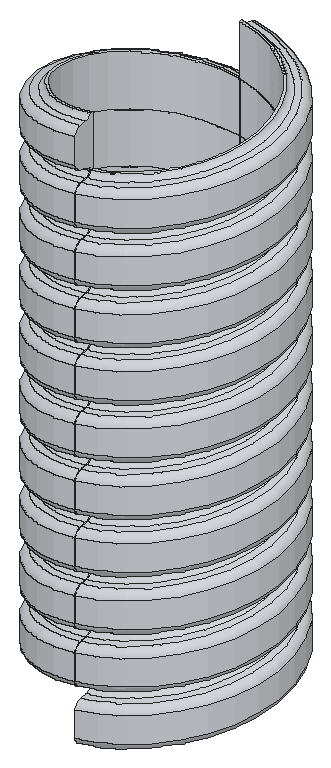
Revit family "110611-00029 Муфта соединительная резьбовая ССД-Пайп 110 мм", category Обобщенные модели, Revit 2019
Family settings
  Может служить основой для арматурных стержней = Нет
  Размер круглого соединителя = Использовать диаметр
  Тип детали = Нормальный
  На основе рабочей плоскости = Нет
  Всегда вертикально = Да
  При загрузке вырезать с полостями = Нет
  Общий = Нет
  Точка расчета площади = Нет
Parameters (values of type "Муфта соединительная резьбовая ССД-Пайп 110 мм")
  Сертификат соответствия = "https://www.ssd.ru/upload/iblock/135/dg0dveb2bt5742u03x0awkefi1rhom8y/ssoot_1302705.pdf"
  Материал = "ПНД"
  Масса бухты, кг = "0,148"
  Тип соединения = "Резьбовое"
  ADSK_Ссылка на сайт = "https://www.ssd.ru/mufta-soedinitelnaya-rezbovaya-ssd-payp-110-mm"
  ADSK_Наименование = "Муфта соединительная резьбовая ССД-Пайп 110 мм"
  ADSK_Марка = "ССД-Пайп"
  ADSK_Код изделия = "110611-00029"
  ADSK_Изготовитель = "АО \"СВЯЗЬСТРОЙДЕТАЛЬ\""
  ADSK_Диаметр наружный = 120 mm
  ADSK_Диаметр внутренний = 97 mm
Reference planes
  plane 1 "По центру (Вперед/Назад)": y = 0
  plane 2: z = 0
  plane 3 "По центру (Влево/Вправо)": x = 0
  plane 4 "Осевая": z = 100
  plane 5: x = -60
  plane 6: x = 60
  plane 7: y = 60
  plane 8: y = -60
  plane 9: x = -48.5
  plane 10: x = 48.5
  plane 11: y = 48.5
  plane 12: y = -48.5
Forms (mm)
  SweptBlend 1, solid
    path origin (0, -0.637, -320.812) x (0, 1, 0) y (-1, 0, 0)
      loop
        arc (25.5, 0) -> (0, 25.5) -> (-25.5, 0) r 25.5
    profile origin (0, 24.863, -320.812) x (0, -1, 0) y (0, 0, 1)
      loop
        line (-23.637, 49.457) -> (-24.978, 49.457)
        arc (-24.978, 49.457) -> (-25.997, 47.8) -> (-27.744, 46.943) r 3.5
        line (-27.744, 46.943) -> (-31.209, 46.332)
        arc (-31.209, 46.332) -> (-33.704, 45.107) -> (-35.16, 42.74) r 5
        line (-35.16, 42.74) -> (-35.16, 29.175)
        arc (-35.16, 29.175) -> (-33.704, 26.807) -> (-31.209, 25.583) r 5
        line (-31.209, 25.583) -> (-27.744, 24.972)
        arc (-27.744, 24.972) -> (-25.997, 24.114) -> (-24.978, 22.457) r 3.5
        line (-24.978, 22.457) -> (-23.637, 22.457) -> (-23.637, 49.457)
    end profile origin (0, -26.137, -320.812) x (0, 1, 0) y (0, 0, 1)
      loop
        line (-22.34, 76.531) -> (-23.681, 76.531)
        arc (-23.681, 76.531) -> (-24.7, 74.874) -> (-26.447, 74.017) r 3.5
        line (-26.447, 74.017) -> (-29.912, 73.406)
        arc (-29.912, 73.406) -> (-32.407, 72.181) -> (-33.863, 69.814) r 5
        line (-33.863, 69.814) -> (-33.863, 56.248)
        arc (-33.863, 56.248) -> (-32.407, 53.881) -> (-29.912, 52.656) r 5
        line (-29.912, 52.656) -> (-26.447, 52.045)
        arc (-26.447, 52.045) -> (-24.7, 51.188) -> (-23.681, 49.531) r 3.5
        line (-23.681, 49.531) -> (-22.34, 49.531) -> (-22.34, 76.531)
  SweptBlend 2, solid
    path origin (0, -0.637, -320.812) x (0, -1, 0) y (1, 0, 0)
      loop
        arc (25.5, 0) -> (0, 25.5) -> (-25.5, 0) r 25.5
    profile origin (0, -26.137, -320.812) x (0, 1, 0) y (0, 0, 1)
      loop
        line (-22.34, 49.531) -> (-23.681, 49.531)
        arc (-23.681, 49.531) -> (-24.7, 47.874) -> (-26.447, 47.017) r 3.5
        line (-26.447, 47.017) -> (-29.912, 46.406)
        arc (-29.912, 46.406) -> (-32.407, 45.181) -> (-33.863, 42.814) r 5
        line (-33.863, 42.814) -> (-33.863, 29.248)
        arc (-33.863, 29.248) -> (-32.407, 26.881) -> (-29.912, 25.656) r 5
        line (-29.912, 25.656) -> (-26.447, 25.045)
        arc (-26.447, 25.045) -> (-24.7, 24.188) -> (-23.681, 22.531) r 3.5
        line (-23.681, 22.531) -> (-22.34, 22.531) -> (-22.34, 49.531)
    end profile origin (0, 24.863, -320.812) x (0, -1, 0) y (0, 0, 1)
      loop
        line (-23.637, 76.457) -> (-24.978, 76.457)
        arc (-24.978, 76.457) -> (-25.997, 74.8) -> (-27.744, 73.943) r 3.5
        line (-27.744, 73.943) -> (-31.209, 73.332)
        arc (-31.209, 73.332) -> (-33.704, 72.107) -> (-35.16, 69.74) r 5
        line (-35.16, 69.74) -> (-35.16, 56.175)
        arc (-35.16, 56.175) -> (-33.704, 53.807) -> (-31.209, 52.583) r 5
        line (-31.209, 52.583) -> (-27.744, 51.972)
        arc (-27.744, 51.972) -> (-25.997, 51.114) -> (-24.978, 49.457) r 3.5
        line (-24.978, 49.457) -> (-23.637, 49.457) -> (-23.637, 76.457)
  SweptBlend 3, solid, not visible
    path origin (0, 0, 63.929) x (0, 1, 0) y (-1, 0, 0)
      loop
        arc (25.5, 0) -> (0, 25.5) -> (-25.5, 0) r 25.5
    profile origin (0, 25.5, 63.929) x (0, -1, 0) y (0, 0, 1)
      loop
        line (-23.637, 49.457) -> (-24.978, 49.457)
        arc (-24.978, 49.457) -> (-25.997, 47.8) -> (-27.744, 46.943) r 3.5
        line (-27.744, 46.943) -> (-31.209, 46.332)
        arc (-31.209, 46.332) -> (-33.704, 45.107) -> (-35.16, 42.74) r 5
        line (-35.16, 42.74) -> (-35.16, 29.175)
        arc (-35.16, 29.175) -> (-33.704, 26.807) -> (-31.209, 25.583) r 5
        line (-31.209, 25.583) -> (-27.744, 24.972)
        arc (-27.744, 24.972) -> (-25.997, 24.114) -> (-24.978, 22.457) r 3.5
        line (-24.978, 22.457) -> (-23.637, 22.457) -> (-23.637, 49.457)
    end profile origin (0, -25.5, 63.929) x (0, 1, 0) y (0, 0, 1)
      loop
        line (-22.34, 76.531) -> (-23.681, 76.531)
        arc (-23.681, 76.531) -> (-24.7, 74.874) -> (-26.447, 74.017) r 3.5
        line (-26.447, 74.017) -> (-29.912, 73.406)
        arc (-29.912, 73.406) -> (-32.407, 72.181) -> (-33.863, 69.814) r 5
        line (-33.863, 69.814) -> (-33.863, 56.248)
        arc (-33.863, 56.248) -> (-32.407, 53.881) -> (-29.912, 52.656) r 5
        line (-29.912, 52.656) -> (-26.447, 52.045)
        arc (-26.447, 52.045) -> (-24.7, 51.188) -> (-23.681, 49.531) r 3.5
        line (-23.681, 49.531) -> (-22.34, 49.531) -> (-22.34, 76.531)
  SweptBlend 4, solid, not visible
    path origin (0, 0, 63.929) x (0, -1, 0) y (1, 0, 0)
      loop
        arc (25.5, 0) -> (0, 25.5) -> (-25.5, 0) r 25.5
    profile origin (0, -25.5, 63.929) x (0, 1, 0) y (0, 0, 1)
      loop
        line (-22.34, 49.531) -> (-23.681, 49.531)
        arc (-23.681, 49.531) -> (-24.7, 47.874) -> (-26.447, 47.017) r 3.5
        line (-26.447, 47.017) -> (-29.912, 46.406)
        arc (-29.912, 46.406) -> (-32.407, 45.181) -> (-33.863, 42.814) r 5
        line (-33.863, 42.814) -> (-33.863, 29.248)
        arc (-33.863, 29.248) -> (-32.407, 26.881) -> (-29.912, 25.656) r 5
        line (-29.912, 25.656) -> (-26.447, 25.045)
        arc (-26.447, 25.045) -> (-24.7, 24.188) -> (-23.681, 22.531) r 3.5
        line (-23.681, 22.531) -> (-22.34, 22.531) -> (-22.34, 49.531)
    end profile origin (0, 25.5, 63.929) x (0, -1, 0) y (0, 0, 1)
      loop
        line (-23.637, 76.457) -> (-24.978, 76.457)
        arc (-24.978, 76.457) -> (-25.997, 74.8) -> (-27.744, 73.943) r 3.5
        line (-27.744, 73.943) -> (-31.209, 73.332)
        arc (-31.209, 73.332) -> (-33.704, 72.107) -> (-35.16, 69.74) r 5
        line (-35.16, 69.74) -> (-35.16, 56.175)
        arc (-35.16, 56.175) -> (-33.704, 53.807) -> (-31.209, 52.583) r 5
        line (-31.209, 52.583) -> (-27.744, 51.972)
        arc (-27.744, 51.972) -> (-25.997, 51.114) -> (-24.978, 49.457) r 3.5
        line (-24.978, 49.457) -> (-23.637, 49.457) -> (-23.637, 76.457)
  SweptBlend 5, solid
    path origin (0, -0.637, -293.812) x (0, 1, 0) y (-1, 0, 0)
      loop
        arc (25.5, 0) -> (0, 25.5) -> (-25.5, 0) r 25.5
    profile origin (0, 24.863, -293.812) x (0, -1, 0) y (0, 0, 1)
      loop
        line (-23.637, 49.457) -> (-24.978, 49.457)
        arc (-24.978, 49.457) -> (-25.997, 47.8) -> (-27.744, 46.943) r 3.5
        line (-27.744, 46.943) -> (-31.209, 46.332)
        arc (-31.209, 46.332) -> (-33.704, 45.107) -> (-35.16, 42.74) r 5
        line (-35.16, 42.74) -> (-35.16, 29.175)
        arc (-35.16, 29.175) -> (-33.704, 26.807) -> (-31.209, 25.583) r 5
        line (-31.209, 25.583) -> (-27.744, 24.972)
        arc (-27.744, 24.972) -> (-25.997, 24.114) -> (-24.978, 22.457) r 3.5
        line (-24.978, 22.457) -> (-23.637, 22.457) -> (-23.637, 49.457)
    end profile origin (0, -26.137, -293.812) x (0, 1, 0) y (0, 0, 1)
      loop
        line (-22.34, 76.531) -> (-23.681, 76.531)
        arc (-23.681, 76.531) -> (-24.7, 74.874) -> (-26.447, 74.017) r 3.5
        line (-26.447, 74.017) -> (-29.912, 73.406)
        arc (-29.912, 73.406) -> (-32.407, 72.181) -> (-33.863, 69.814) r 5
        line (-33.863, 69.814) -> (-33.863, 56.248)
        arc (-33.863, 56.248) -> (-32.407, 53.881) -> (-29.912, 52.656) r 5
        line (-29.912, 52.656) -> (-26.447, 52.045)
        arc (-26.447, 52.045) -> (-24.7, 51.188) -> (-23.681, 49.531) r 3.5
        line (-23.681, 49.531) -> (-22.34, 49.531) -> (-22.34, 76.531)
  SweptBlend 6, solid
    path origin (0, -0.637, -293.812) x (0, -1, 0) y (1, 0, 0)
      loop
        arc (25.5, 0) -> (0, 25.5) -> (-25.5, 0) r 25.5
    profile origin (0, -26.137, -293.812) x (0, 1, 0) y (0, 0, 1)
      loop
        line (-22.34, 49.531) -> (-23.681, 49.531)
        arc (-23.681, 49.531) -> (-24.7, 47.874) -> (-26.447, 47.017) r 3.5
        line (-26.447, 47.017) -> (-29.912, 46.406)
        arc (-29.912, 46.406) -> (-32.407, 45.181) -> (-33.863, 42.814) r 5
        line (-33.863, 42.814) -> (-33.863, 29.248)
        arc (-33.863, 29.248) -> (-32.407, 26.881) -> (-29.912, 25.656) r 5
        line (-29.912, 25.656) -> (-26.447, 25.045)
        arc (-26.447, 25.045) -> (-24.7, 24.188) -> (-23.681, 22.531) r 3.5
        line (-23.681, 22.531) -> (-22.34, 22.531) -> (-22.34, 49.531)
    end profile origin (0, 24.863, -293.812) x (0, -1, 0) y (0, 0, 1)
      loop
        line (-23.637, 76.457) -> (-24.978, 76.457)
        arc (-24.978, 76.457) -> (-25.997, 74.8) -> (-27.744, 73.943) r 3.5
        line (-27.744, 73.943) -> (-31.209, 73.332)
        arc (-31.209, 73.332) -> (-33.704, 72.107) -> (-35.16, 69.74) r 5
        line (-35.16, 69.74) -> (-35.16, 56.175)
        arc (-35.16, 56.175) -> (-33.704, 53.807) -> (-31.209, 52.583) r 5
        line (-31.209, 52.583) -> (-27.744, 51.972)
        arc (-27.744, 51.972) -> (-25.997, 51.114) -> (-24.978, 49.457) r 3.5
        line (-24.978, 49.457) -> (-23.637, 49.457) -> (-23.637, 76.457)
  SweptBlend 7, solid
    path origin (0, -0.637, -266.812) x (0, 1, 0) y (-1, 0, 0)
      loop
        arc (25.5, 0) -> (0, 25.5) -> (-25.5, 0) r 25.5
    profile origin (0, 24.863, -266.812) x (0, -1, 0) y (0, 0, 1)
      loop
        line (-23.637, 49.457) -> (-24.978, 49.457)
        arc (-24.978, 49.457) -> (-25.997, 47.8) -> (-27.744, 46.943) r 3.5
        line (-27.744, 46.943) -> (-31.209, 46.332)
        arc (-31.209, 46.332) -> (-33.704, 45.107) -> (-35.16, 42.74) r 5
        line (-35.16, 42.74) -> (-35.16, 29.175)
        arc (-35.16, 29.175) -> (-33.704, 26.807) -> (-31.209, 25.583) r 5
        line (-31.209, 25.583) -> (-27.744, 24.972)
        arc (-27.744, 24.972) -> (-25.997, 24.114) -> (-24.978, 22.457) r 3.5
        line (-24.978, 22.457) -> (-23.637, 22.457) -> (-23.637, 49.457)
    end profile origin (0, -26.137, -266.812) x (0, 1, 0) y (0, 0, 1)
      loop
        line (-22.34, 76.531) -> (-23.681, 76.531)
        arc (-23.681, 76.531) -> (-24.7, 74.874) -> (-26.447, 74.017) r 3.5
        line (-26.447, 74.017) -> (-29.912, 73.406)
        arc (-29.912, 73.406) -> (-32.407, 72.181) -> (-33.863, 69.814) r 5
        line (-33.863, 69.814) -> (-33.863, 56.248)
        arc (-33.863, 56.248) -> (-32.407, 53.881) -> (-29.912, 52.656) r 5
        line (-29.912, 52.656) -> (-26.447, 52.045)
        arc (-26.447, 52.045) -> (-24.7, 51.188) -> (-23.681, 49.531) r 3.5
        line (-23.681, 49.531) -> (-22.34, 49.531) -> (-22.34, 76.531)
  SweptBlend 8, solid
    path origin (0, -0.637, -266.812) x (0, -1, 0) y (1, 0, 0)
      loop
        arc (25.5, 0) -> (0, 25.5) -> (-25.5, 0) r 25.5
    profile origin (0, -26.137, -266.812) x (0, 1, 0) y (0, 0, 1)
      loop
        line (-22.34, 49.531) -> (-23.681, 49.531)
        arc (-23.681, 49.531) -> (-24.7, 47.874) -> (-26.447, 47.017) r 3.5
        line (-26.447, 47.017) -> (-29.912, 46.406)
        arc (-29.912, 46.406) -> (-32.407, 45.181) -> (-33.863, 42.814) r 5
        line (-33.863, 42.814) -> (-33.863, 29.248)
        arc (-33.863, 29.248) -> (-32.407, 26.881) -> (-29.912, 25.656) r 5
        line (-29.912, 25.656) -> (-26.447, 25.045)
        arc (-26.447, 25.045) -> (-24.7, 24.188) -> (-23.681, 22.531) r 3.5
        line (-23.681, 22.531) -> (-22.34, 22.531) -> (-22.34, 49.531)
    end profile origin (0, 24.863, -266.812) x (0, -1, 0) y (0, 0, 1)
      loop
        line (-23.637, 76.457) -> (-24.978, 76.457)
        arc (-24.978, 76.457) -> (-25.997, 74.8) -> (-27.744, 73.943) r 3.5
        line (-27.744, 73.943) -> (-31.209, 73.332)
        arc (-31.209, 73.332) -> (-33.704, 72.107) -> (-35.16, 69.74) r 5
        line (-35.16, 69.74) -> (-35.16, 56.175)
        arc (-35.16, 56.175) -> (-33.704, 53.807) -> (-31.209, 52.583) r 5
        line (-31.209, 52.583) -> (-27.744, 51.972)
        arc (-27.744, 51.972) -> (-25.997, 51.114) -> (-24.978, 49.457) r 3.5
        line (-24.978, 49.457) -> (-23.637, 49.457) -> (-23.637, 76.457)
  SweptBlend 9, solid
    path origin (0, -0.637, -239.812) x (0, 1, 0) y (-1, 0, 0)
      loop
        arc (25.5, 0) -> (0, 25.5) -> (-25.5, 0) r 25.5
    profile origin (0, 24.863, -239.812) x (0, -1, 0) y (0, 0, 1)
      loop
        line (-23.637, 49.457) -> (-24.978, 49.457)
        arc (-24.978, 49.457) -> (-25.997, 47.8) -> (-27.744, 46.943) r 3.5
        line (-27.744, 46.943) -> (-31.209, 46.332)
        arc (-31.209, 46.332) -> (-33.704, 45.107) -> (-35.16, 42.74) r 5
        line (-35.16, 42.74) -> (-35.16, 29.175)
        arc (-35.16, 29.175) -> (-33.704, 26.807) -> (-31.209, 25.583) r 5
        line (-31.209, 25.583) -> (-27.744, 24.972)
        arc (-27.744, 24.972) -> (-25.997, 24.114) -> (-24.978, 22.457) r 3.5
        line (-24.978, 22.457) -> (-23.637, 22.457) -> (-23.637, 49.457)
    end profile origin (0, -26.137, -239.812) x (0, 1, 0) y (0, 0, 1)
      loop
        line (-22.34, 76.531) -> (-23.681, 76.531)
        arc (-23.681, 76.531) -> (-24.7, 74.874) -> (-26.447, 74.017) r 3.5
        line (-26.447, 74.017) -> (-29.912, 73.406)
        arc (-29.912, 73.406) -> (-32.407, 72.181) -> (-33.863, 69.814) r 5
        line (-33.863, 69.814) -> (-33.863, 56.248)
        arc (-33.863, 56.248) -> (-32.407, 53.881) -> (-29.912, 52.656) r 5
        line (-29.912, 52.656) -> (-26.447, 52.045)
        arc (-26.447, 52.045) -> (-24.7, 51.188) -> (-23.681, 49.531) r 3.5
        line (-23.681, 49.531) -> (-22.34, 49.531) -> (-22.34, 76.531)
  SweptBlend 10, solid
    path origin (0, -0.637, -239.812) x (0, -1, 0) y (1, 0, 0)
      loop
        arc (25.5, 0) -> (0, 25.5) -> (-25.5, 0) r 25.5
    profile origin (0, -26.137, -239.812) x (0, 1, 0) y (0, 0, 1)
      loop
        line (-22.34, 49.531) -> (-23.681, 49.531)
        arc (-23.681, 49.531) -> (-24.7, 47.874) -> (-26.447, 47.017) r 3.5
        line (-26.447, 47.017) -> (-29.912, 46.406)
        arc (-29.912, 46.406) -> (-32.407, 45.181) -> (-33.863, 42.814) r 5
        line (-33.863, 42.814) -> (-33.863, 29.248)
        arc (-33.863, 29.248) -> (-32.407, 26.881) -> (-29.912, 25.656) r 5
        line (-29.912, 25.656) -> (-26.447, 25.045)
        arc (-26.447, 25.045) -> (-24.7, 24.188) -> (-23.681, 22.531) r 3.5
        line (-23.681, 22.531) -> (-22.34, 22.531) -> (-22.34, 49.531)
    end profile origin (0, 24.863, -239.812) x (0, -1, 0) y (0, 0, 1)
      loop
        line (-23.637, 76.457) -> (-24.978, 76.457)
        arc (-24.978, 76.457) -> (-25.997, 74.8) -> (-27.744, 73.943) r 3.5
        line (-27.744, 73.943) -> (-31.209, 73.332)
        arc (-31.209, 73.332) -> (-33.704, 72.107) -> (-35.16, 69.74) r 5
        line (-35.16, 69.74) -> (-35.16, 56.175)
        arc (-35.16, 56.175) -> (-33.704, 53.807) -> (-31.209, 52.583) r 5
        line (-31.209, 52.583) -> (-27.744, 51.972)
        arc (-27.744, 51.972) -> (-25.997, 51.114) -> (-24.978, 49.457) r 3.5
        line (-24.978, 49.457) -> (-23.637, 49.457) -> (-23.637, 76.457)
  SweptBlend 11, solid
    path origin (0, -0.637, -212.812) x (0, 1, 0) y (-1, 0, 0)
      loop
        arc (25.5, 0) -> (0, 25.5) -> (-25.5, 0) r 25.5
    profile origin (0, 24.863, -212.812) x (0, -1, 0) y (0, 0, 1)
      loop
        line (-23.637, 49.457) -> (-24.978, 49.457)
        arc (-24.978, 49.457) -> (-25.997, 47.8) -> (-27.744, 46.943) r 3.5
        line (-27.744, 46.943) -> (-31.209, 46.332)
        arc (-31.209, 46.332) -> (-33.704, 45.107) -> (-35.16, 42.74) r 5
        line (-35.16, 42.74) -> (-35.16, 29.175)
        arc (-35.16, 29.175) -> (-33.704, 26.807) -> (-31.209, 25.583) r 5
        line (-31.209, 25.583) -> (-27.744, 24.972)
        arc (-27.744, 24.972) -> (-25.997, 24.114) -> (-24.978, 22.457) r 3.5
        line (-24.978, 22.457) -> (-23.637, 22.457) -> (-23.637, 49.457)
    end profile origin (0, -26.137, -212.812) x (0, 1, 0) y (0, 0, 1)
      loop
        line (-22.34, 76.531) -> (-23.681, 76.531)
        arc (-23.681, 76.531) -> (-24.7, 74.874) -> (-26.447, 74.017) r 3.5
        line (-26.447, 74.017) -> (-29.912, 73.406)
        arc (-29.912, 73.406) -> (-32.407, 72.181) -> (-33.863, 69.814) r 5
        line (-33.863, 69.814) -> (-33.863, 56.248)
        arc (-33.863, 56.248) -> (-32.407, 53.881) -> (-29.912, 52.656) r 5
        line (-29.912, 52.656) -> (-26.447, 52.045)
        arc (-26.447, 52.045) -> (-24.7, 51.188) -> (-23.681, 49.531) r 3.5
        line (-23.681, 49.531) -> (-22.34, 49.531) -> (-22.34, 76.531)
  SweptBlend 12, solid
    path origin (0, -0.637, -212.812) x (0, -1, 0) y (1, 0, 0)
      loop
        arc (25.5, 0) -> (0, 25.5) -> (-25.5, 0) r 25.5
    profile origin (0, -26.137, -212.812) x (0, 1, 0) y (0, 0, 1)
      loop
        line (-22.34, 49.531) -> (-23.681, 49.531)
        arc (-23.681, 49.531) -> (-24.7, 47.874) -> (-26.447, 47.017) r 3.5
        line (-26.447, 47.017) -> (-29.912, 46.406)
        arc (-29.912, 46.406) -> (-32.407, 45.181) -> (-33.863, 42.814) r 5
        line (-33.863, 42.814) -> (-33.863, 29.248)
        arc (-33.863, 29.248) -> (-32.407, 26.881) -> (-29.912, 25.656) r 5
        line (-29.912, 25.656) -> (-26.447, 25.045)
        arc (-26.447, 25.045) -> (-24.7, 24.188) -> (-23.681, 22.531) r 3.5
        line (-23.681, 22.531) -> (-22.34, 22.531) -> (-22.34, 49.531)
    end profile origin (0, 24.863, -212.812) x (0, -1, 0) y (0, 0, 1)
      loop
        line (-23.637, 76.457) -> (-24.978, 76.457)
        arc (-24.978, 76.457) -> (-25.997, 74.8) -> (-27.744, 73.943) r 3.5
        line (-27.744, 73.943) -> (-31.209, 73.332)
        arc (-31.209, 73.332) -> (-33.704, 72.107) -> (-35.16, 69.74) r 5
        line (-35.16, 69.74) -> (-35.16, 56.175)
        arc (-35.16, 56.175) -> (-33.704, 53.807) -> (-31.209, 52.583) r 5
        line (-31.209, 52.583) -> (-27.744, 51.972)
        arc (-27.744, 51.972) -> (-25.997, 51.114) -> (-24.978, 49.457) r 3.5
        line (-24.978, 49.457) -> (-23.637, 49.457) -> (-23.637, 76.457)
  SweptBlend 13, solid
    path origin (0, -0.637, -185.812) x (0, 1, 0) y (-1, 0, 0)
      loop
        arc (25.5, 0) -> (0, 25.5) -> (-25.5, 0) r 25.5
    profile origin (0, 24.863, -185.812) x (0, -1, 0) y (0, 0, 1)
      loop
        line (-23.637, 49.457) -> (-24.978, 49.457)
        arc (-24.978, 49.457) -> (-25.997, 47.8) -> (-27.744, 46.943) r 3.5
        line (-27.744, 46.943) -> (-31.209, 46.332)
        arc (-31.209, 46.332) -> (-33.704, 45.107) -> (-35.16, 42.74) r 5
        line (-35.16, 42.74) -> (-35.16, 29.175)
        arc (-35.16, 29.175) -> (-33.704, 26.807) -> (-31.209, 25.583) r 5
        line (-31.209, 25.583) -> (-27.744, 24.972)
        arc (-27.744, 24.972) -> (-25.997, 24.114) -> (-24.978, 22.457) r 3.5
        line (-24.978, 22.457) -> (-23.637, 22.457) -> (-23.637, 49.457)
    end profile origin (0, -26.137, -185.812) x (0, 1, 0) y (0, 0, 1)
      loop
        line (-22.34, 76.531) -> (-23.681, 76.531)
        arc (-23.681, 76.531) -> (-24.7, 74.874) -> (-26.447, 74.017) r 3.5
        line (-26.447, 74.017) -> (-29.912, 73.406)
        arc (-29.912, 73.406) -> (-32.407, 72.181) -> (-33.863, 69.814) r 5
        line (-33.863, 69.814) -> (-33.863, 56.248)
        arc (-33.863, 56.248) -> (-32.407, 53.881) -> (-29.912, 52.656) r 5
        line (-29.912, 52.656) -> (-26.447, 52.045)
        arc (-26.447, 52.045) -> (-24.7, 51.188) -> (-23.681, 49.531) r 3.5
        line (-23.681, 49.531) -> (-22.34, 49.531) -> (-22.34, 76.531)
  SweptBlend 14, solid
    path origin (0, -0.637, -185.812) x (0, -1, 0) y (1, 0, 0)
      loop
        arc (25.5, 0) -> (0, 25.5) -> (-25.5, 0) r 25.5
    profile origin (0, -26.137, -185.812) x (0, 1, 0) y (0, 0, 1)
      loop
        line (-22.34, 49.531) -> (-23.681, 49.531)
        arc (-23.681, 49.531) -> (-24.7, 47.874) -> (-26.447, 47.017) r 3.5
        line (-26.447, 47.017) -> (-29.912, 46.406)
        arc (-29.912, 46.406) -> (-32.407, 45.181) -> (-33.863, 42.814) r 5
        line (-33.863, 42.814) -> (-33.863, 29.248)
        arc (-33.863, 29.248) -> (-32.407, 26.881) -> (-29.912, 25.656) r 5
        line (-29.912, 25.656) -> (-26.447, 25.045)
        arc (-26.447, 25.045) -> (-24.7, 24.188) -> (-23.681, 22.531) r 3.5
        line (-23.681, 22.531) -> (-22.34, 22.531) -> (-22.34, 49.531)
    end profile origin (0, 24.863, -185.812) x (0, -1, 0) y (0, 0, 1)
      loop
        line (-23.637, 76.457) -> (-24.978, 76.457)
        arc (-24.978, 76.457) -> (-25.997, 74.8) -> (-27.744, 73.943) r 3.5
        line (-27.744, 73.943) -> (-31.209, 73.332)
        arc (-31.209, 73.332) -> (-33.704, 72.107) -> (-35.16, 69.74) r 5
        line (-35.16, 69.74) -> (-35.16, 56.175)
        arc (-35.16, 56.175) -> (-33.704, 53.807) -> (-31.209, 52.583) r 5
        line (-31.209, 52.583) -> (-27.744, 51.972)
        arc (-27.744, 51.972) -> (-25.997, 51.114) -> (-24.978, 49.457) r 3.5
        line (-24.978, 49.457) -> (-23.637, 49.457) -> (-23.637, 76.457)
  SweptBlend 15, solid
    path origin (0, -0.637, -158.812) x (0, 1, 0) y (-1, 0, 0)
      loop
        arc (25.5, 0) -> (0, 25.5) -> (-25.5, 0) r 25.5
    profile origin (0, 24.863, -158.812) x (0, -1, 0) y (0, 0, 1)
      loop
        line (-23.637, 49.457) -> (-24.978, 49.457)
        arc (-24.978, 49.457) -> (-25.997, 47.8) -> (-27.744, 46.943) r 3.5
        line (-27.744, 46.943) -> (-31.209, 46.332)
        arc (-31.209, 46.332) -> (-33.704, 45.107) -> (-35.16, 42.74) r 5
        line (-35.16, 42.74) -> (-35.16, 29.175)
        arc (-35.16, 29.175) -> (-33.704, 26.807) -> (-31.209, 25.583) r 5
        line (-31.209, 25.583) -> (-27.744, 24.972)
        arc (-27.744, 24.972) -> (-25.997, 24.114) -> (-24.978, 22.457) r 3.5
        line (-24.978, 22.457) -> (-23.637, 22.457) -> (-23.637, 49.457)
    end profile origin (0, -26.137, -158.812) x (0, 1, 0) y (0, 0, 1)
      loop
        line (-22.34, 76.531) -> (-23.681, 76.531)
        arc (-23.681, 76.531) -> (-24.7, 74.874) -> (-26.447, 74.017) r 3.5
        line (-26.447, 74.017) -> (-29.912, 73.406)
        arc (-29.912, 73.406) -> (-32.407, 72.181) -> (-33.863, 69.814) r 5
        line (-33.863, 69.814) -> (-33.863, 56.248)
        arc (-33.863, 56.248) -> (-32.407, 53.881) -> (-29.912, 52.656) r 5
        line (-29.912, 52.656) -> (-26.447, 52.045)
        arc (-26.447, 52.045) -> (-24.7, 51.188) -> (-23.681, 49.531) r 3.5
        line (-23.681, 49.531) -> (-22.34, 49.531) -> (-22.34, 76.531)
  SweptBlend 16, solid
    path origin (0, -0.637, -158.812) x (0, -1, 0) y (1, 0, 0)
      loop
        arc (25.5, 0) -> (0, 25.5) -> (-25.5, 0) r 25.5
    profile origin (0, -26.137, -158.812) x (0, 1, 0) y (0, 0, 1)
      loop
        line (-22.34, 49.531) -> (-23.681, 49.531)
        arc (-23.681, 49.531) -> (-24.7, 47.874) -> (-26.447, 47.017) r 3.5
        line (-26.447, 47.017) -> (-29.912, 46.406)
        arc (-29.912, 46.406) -> (-32.407, 45.181) -> (-33.863, 42.814) r 5
        line (-33.863, 42.814) -> (-33.863, 29.248)
        arc (-33.863, 29.248) -> (-32.407, 26.881) -> (-29.912, 25.656) r 5
        line (-29.912, 25.656) -> (-26.447, 25.045)
        arc (-26.447, 25.045) -> (-24.7, 24.188) -> (-23.681, 22.531) r 3.5
        line (-23.681, 22.531) -> (-22.34, 22.531) -> (-22.34, 49.531)
    end profile origin (0, 24.863, -158.812) x (0, -1, 0) y (0, 0, 1)
      loop
        line (-23.637, 76.457) -> (-24.978, 76.457)
        arc (-24.978, 76.457) -> (-25.997, 74.8) -> (-27.744, 73.943) r 3.5
        line (-27.744, 73.943) -> (-31.209, 73.332)
        arc (-31.209, 73.332) -> (-33.704, 72.107) -> (-35.16, 69.74) r 5
        line (-35.16, 69.74) -> (-35.16, 56.175)
        arc (-35.16, 56.175) -> (-33.704, 53.807) -> (-31.209, 52.583) r 5
        line (-31.209, 52.583) -> (-27.744, 51.972)
        arc (-27.744, 51.972) -> (-25.997, 51.114) -> (-24.978, 49.457) r 3.5
        line (-24.978, 49.457) -> (-23.637, 49.457) -> (-23.637, 76.457)
  SweptBlend 17, solid
    path origin (0, -0.637, -131.812) x (0, 1, 0) y (-1, 0, 0)
      loop
        arc (25.5, 0) -> (0, 25.5) -> (-25.5, 0) r 25.5
    profile origin (0, 24.863, -131.812) x (0, -1, 0) y (0, 0, 1)
      loop
        line (-23.637, 49.457) -> (-24.978, 49.457)
        arc (-24.978, 49.457) -> (-25.997, 47.8) -> (-27.744, 46.943) r 3.5
        line (-27.744, 46.943) -> (-31.209, 46.332)
        arc (-31.209, 46.332) -> (-33.704, 45.107) -> (-35.16, 42.74) r 5
        line (-35.16, 42.74) -> (-35.16, 29.175)
        arc (-35.16, 29.175) -> (-33.704, 26.807) -> (-31.209, 25.583) r 5
        line (-31.209, 25.583) -> (-27.744, 24.972)
        arc (-27.744, 24.972) -> (-25.997, 24.114) -> (-24.978, 22.457) r 3.5
        line (-24.978, 22.457) -> (-23.637, 22.457) -> (-23.637, 49.457)
    end profile origin (0, -26.137, -131.812) x (0, 1, 0) y (0, 0, 1)
      loop
        line (-22.34, 76.531) -> (-23.681, 76.531)
        arc (-23.681, 76.531) -> (-24.7, 74.874) -> (-26.447, 74.017) r 3.5
        line (-26.447, 74.017) -> (-29.912, 73.406)
        arc (-29.912, 73.406) -> (-32.407, 72.181) -> (-33.863, 69.814) r 5
        line (-33.863, 69.814) -> (-33.863, 56.248)
        arc (-33.863, 56.248) -> (-32.407, 53.881) -> (-29.912, 52.656) r 5
        line (-29.912, 52.656) -> (-26.447, 52.045)
        arc (-26.447, 52.045) -> (-24.7, 51.188) -> (-23.681, 49.531) r 3.5
        line (-23.681, 49.531) -> (-22.34, 49.531) -> (-22.34, 76.531)
  SweptBlend 18, solid
    path origin (0, -0.637, -131.812) x (0, -1, 0) y (1, 0, 0)
      loop
        arc (25.5, 0) -> (0, 25.5) -> (-25.5, 0) r 25.5
    profile origin (0, -26.137, -131.812) x (0, 1, 0) y (0, 0, 1)
      loop
        line (-22.34, 49.531) -> (-23.681, 49.531)
        arc (-23.681, 49.531) -> (-24.7, 47.874) -> (-26.447, 47.017) r 3.5
        line (-26.447, 47.017) -> (-29.912, 46.406)
        arc (-29.912, 46.406) -> (-32.407, 45.181) -> (-33.863, 42.814) r 5
        line (-33.863, 42.814) -> (-33.863, 29.248)
        arc (-33.863, 29.248) -> (-32.407, 26.881) -> (-29.912, 25.656) r 5
        line (-29.912, 25.656) -> (-26.447, 25.045)
        arc (-26.447, 25.045) -> (-24.7, 24.188) -> (-23.681, 22.531) r 3.5
        line (-23.681, 22.531) -> (-22.34, 22.531) -> (-22.34, 49.531)
    end profile origin (0, 24.863, -131.812) x (0, -1, 0) y (0, 0, 1)
      loop
        line (-23.637, 76.457) -> (-24.978, 76.457)
        arc (-24.978, 76.457) -> (-25.997, 74.8) -> (-27.744, 73.943) r 3.5
        line (-27.744, 73.943) -> (-31.209, 73.332)
        arc (-31.209, 73.332) -> (-33.704, 72.107) -> (-35.16, 69.74) r 5
        line (-35.16, 69.74) -> (-35.16, 56.175)
        arc (-35.16, 56.175) -> (-33.704, 53.807) -> (-31.209, 52.583) r 5
        line (-31.209, 52.583) -> (-27.744, 51.972)
        arc (-27.744, 51.972) -> (-25.997, 51.114) -> (-24.978, 49.457) r 3.5
        line (-24.978, 49.457) -> (-23.637, 49.457) -> (-23.637, 76.457)
  SweptBlend 19, solid
    path origin (0, -0.637, -104.812) x (0, 1, 0) y (-1, 0, 0)
      loop
        arc (25.5, 0) -> (0, 25.5) -> (-25.5, 0) r 25.5
    profile origin (0, 24.863, -104.812) x (0, -1, 0) y (0, 0, 1)
      loop
        line (-23.637, 49.457) -> (-24.978, 49.457)
        arc (-24.978, 49.457) -> (-25.997, 47.8) -> (-27.744, 46.943) r 3.5
        line (-27.744, 46.943) -> (-31.209, 46.332)
        arc (-31.209, 46.332) -> (-33.704, 45.107) -> (-35.16, 42.74) r 5
        line (-35.16, 42.74) -> (-35.16, 29.175)
        arc (-35.16, 29.175) -> (-33.704, 26.807) -> (-31.209, 25.583) r 5
        line (-31.209, 25.583) -> (-27.744, 24.972)
        arc (-27.744, 24.972) -> (-25.997, 24.114) -> (-24.978, 22.457) r 3.5
        line (-24.978, 22.457) -> (-23.637, 22.457) -> (-23.637, 49.457)
    end profile origin (0, -26.137, -104.812) x (0, 1, 0) y (0, 0, 1)
      loop
        line (-22.34, 76.531) -> (-23.681, 76.531)
        arc (-23.681, 76.531) -> (-24.7, 74.874) -> (-26.447, 74.017) r 3.5
        line (-26.447, 74.017) -> (-29.912, 73.406)
        arc (-29.912, 73.406) -> (-32.407, 72.181) -> (-33.863, 69.814) r 5
        line (-33.863, 69.814) -> (-33.863, 56.248)
        arc (-33.863, 56.248) -> (-32.407, 53.881) -> (-29.912, 52.656) r 5
        line (-29.912, 52.656) -> (-26.447, 52.045)
        arc (-26.447, 52.045) -> (-24.7, 51.188) -> (-23.681, 49.531) r 3.5
        line (-23.681, 49.531) -> (-22.34, 49.531) -> (-22.34, 76.531)
  SweptBlend 20, solid
    path origin (0, -0.637, -104.812) x (0, -1, 0) y (1, 0, 0)
      loop
        arc (25.5, 0) -> (0, 25.5) -> (-25.5, 0) r 25.5
    profile origin (0, -26.137, -104.812) x (0, 1, 0) y (0, 0, 1)
      loop
        line (-22.34, 49.531) -> (-23.681, 49.531)
        arc (-23.681, 49.531) -> (-24.7, 47.874) -> (-26.447, 47.017) r 3.5
        line (-26.447, 47.017) -> (-29.912, 46.406)
        arc (-29.912, 46.406) -> (-32.407, 45.181) -> (-33.863, 42.814) r 5
        line (-33.863, 42.814) -> (-33.863, 29.248)
        arc (-33.863, 29.248) -> (-32.407, 26.881) -> (-29.912, 25.656) r 5
        line (-29.912, 25.656) -> (-26.447, 25.045)
        arc (-26.447, 25.045) -> (-24.7, 24.188) -> (-23.681, 22.531) r 3.5
        line (-23.681, 22.531) -> (-22.34, 22.531) -> (-22.34, 49.531)
    end profile origin (0, 24.863, -104.812) x (0, -1, 0) y (0, 0, 1)
      loop
        line (-23.637, 76.457) -> (-24.978, 76.457)
        arc (-24.978, 76.457) -> (-25.997, 74.8) -> (-27.744, 73.943) r 3.5
        line (-27.744, 73.943) -> (-31.209, 73.332)
        arc (-31.209, 73.332) -> (-33.704, 72.107) -> (-35.16, 69.74) r 5
        line (-35.16, 69.74) -> (-35.16, 56.175)
        arc (-35.16, 56.175) -> (-33.704, 53.807) -> (-31.209, 52.583) r 5
        line (-31.209, 52.583) -> (-27.744, 51.972)
        arc (-27.744, 51.972) -> (-25.997, 51.114) -> (-24.978, 49.457) r 3.5
        line (-24.978, 49.457) -> (-23.637, 49.457) -> (-23.637, 76.457)
  SweptBlend 21, solid
    path origin (0, -0.637, -77.812) x (0, 1, 0) y (-1, 0, 0)
      loop
        arc (25.5, 0) -> (0, 25.5) -> (-25.5, 0) r 25.5
    profile origin (0, 24.863, -77.812) x (0, -1, 0) y (0, 0, 1)
      loop
        line (-23.637, 49.457) -> (-24.978, 49.457)
        arc (-24.978, 49.457) -> (-25.997, 47.8) -> (-27.744, 46.943) r 3.5
        line (-27.744, 46.943) -> (-31.209, 46.332)
        arc (-31.209, 46.332) -> (-33.704, 45.107) -> (-35.16, 42.74) r 5
        line (-35.16, 42.74) -> (-35.16, 29.175)
        arc (-35.16, 29.175) -> (-33.704, 26.807) -> (-31.209, 25.583) r 5
        line (-31.209, 25.583) -> (-27.744, 24.972)
        arc (-27.744, 24.972) -> (-25.997, 24.114) -> (-24.978, 22.457) r 3.5
        line (-24.978, 22.457) -> (-23.637, 22.457) -> (-23.637, 49.457)
    end profile origin (0, -26.137, -77.812) x (0, 1, 0) y (0, 0, 1)
      loop
        line (-22.34, 76.531) -> (-23.681, 76.531)
        arc (-23.681, 76.531) -> (-24.7, 74.874) -> (-26.447, 74.017) r 3.5
        line (-26.447, 74.017) -> (-29.912, 73.406)
        arc (-29.912, 73.406) -> (-32.407, 72.181) -> (-33.863, 69.814) r 5
        line (-33.863, 69.814) -> (-33.863, 56.248)
        arc (-33.863, 56.248) -> (-32.407, 53.881) -> (-29.912, 52.656) r 5
        line (-29.912, 52.656) -> (-26.447, 52.045)
        arc (-26.447, 52.045) -> (-24.7, 51.188) -> (-23.681, 49.531) r 3.5
        line (-23.681, 49.531) -> (-22.34, 49.531) -> (-22.34, 76.531)
  SweptBlend 22, solid
    path origin (0, -0.637, -77.812) x (0, -1, 0) y (1, 0, 0)
      loop
        arc (25.5, 0) -> (0, 25.5) -> (-25.5, 0) r 25.5
    profile origin (0, -26.137, -77.812) x (0, 1, 0) y (0, 0, 1)
      loop
        line (-22.34, 49.531) -> (-23.681, 49.531)
        arc (-23.681, 49.531) -> (-24.7, 47.874) -> (-26.447, 47.017) r 3.5
        line (-26.447, 47.017) -> (-29.912, 46.406)
        arc (-29.912, 46.406) -> (-32.407, 45.181) -> (-33.863, 42.814) r 5
        line (-33.863, 42.814) -> (-33.863, 29.248)
        arc (-33.863, 29.248) -> (-32.407, 26.881) -> (-29.912, 25.656) r 5
        line (-29.912, 25.656) -> (-26.447, 25.045)
        arc (-26.447, 25.045) -> (-24.7, 24.188) -> (-23.681, 22.531) r 3.5
        line (-23.681, 22.531) -> (-22.34, 22.531) -> (-22.34, 49.531)
    end profile origin (0, 24.863, -77.812) x (0, -1, 0) y (0, 0, 1)
      loop
        line (-23.637, 76.457) -> (-24.978, 76.457)
        arc (-24.978, 76.457) -> (-25.997, 74.8) -> (-27.744, 73.943) r 3.5
        line (-27.744, 73.943) -> (-31.209, 73.332)
        arc (-31.209, 73.332) -> (-33.704, 72.107) -> (-35.16, 69.74) r 5
        line (-35.16, 69.74) -> (-35.16, 56.175)
        arc (-35.16, 56.175) -> (-33.704, 53.807) -> (-31.209, 52.583) r 5
        line (-31.209, 52.583) -> (-27.744, 51.972)
        arc (-27.744, 51.972) -> (-25.997, 51.114) -> (-24.978, 49.457) r 3.5
        line (-24.978, 49.457) -> (-23.637, 49.457) -> (-23.637, 76.457)
Dimensions and locks
  locked: plane 4 "Осевая" to level at 100
  "ADSK_Диаметр наружный": plane 5 to plane 6
  equal spacing: plane 5, plane 3 "По центру (Влево/Вправо)", plane 6
  "ADSK_Диаметр наружный": plane 7 to plane 8
  "ADSK_Диаметр внутренний": plane 9 to plane 10
  equal spacing: plane 9, plane 3 "По центру (Влево/Вправо)", plane 10
  "ADSK_Диаметр внутренний": plane 11 to plane 12
  equal spacing: plane 11, plane 1 "По центру (Вперед/Назад)", plane 12
  equal spacing: plane 7, plane 1 "По центру (Вперед/Назад)", plane 8
  equal spacing: group 2, group 5, group 7, group 9, group 11, group 13, group 15, group 17, group 19, group 21  (x3)
  radius of SweptBlend 1 sketch curve = 25.5 mm
  radius of SweptBlend 2 sketch curve = 25.5 mm
  radius of SweptBlend 3 sketch curve = 25.5 mm
  radius of SweptBlend 4 sketch curve = 25.5 mm
  radius of SweptBlend 5 sketch curve = 25.5 mm
  radius of SweptBlend 6 sketch curve = 25.5 mm
  radius of SweptBlend 7 sketch curve = 25.5 mm
  radius of SweptBlend 8 sketch curve = 25.5 mm
  radius of SweptBlend 9 sketch curve = 25.5 mm
  radius of SweptBlend 10 sketch curve = 25.5 mm
  radius of SweptBlend 11 sketch curve = 25.5 mm
  radius of SweptBlend 12 sketch curve = 25.5 mm
  radius of SweptBlend 13 sketch curve = 25.5 mm
  radius of SweptBlend 14 sketch curve = 25.5 mm
  radius of SweptBlend 15 sketch curve = 25.5 mm
  radius of SweptBlend 16 sketch curve = 25.5 mm
  radius of SweptBlend 17 sketch curve = 25.5 mm
  radius of SweptBlend 18 sketch curve = 25.5 mm
  radius of SweptBlend 19 sketch curve = 25.5 mm
  radius of SweptBlend 20 sketch curve = 25.5 mm
  radius of SweptBlend 21 sketch curve = 25.5 mm
  radius of SweptBlend 22 sketch curve = 25.5 mm
  aligned and locked: level to plane 2
Automatic sketch dimensions
  profile plane to SweptBlend 1 sketch curve = 31.209 mm
  SweptBlend 1 sketch curve to SweptBlend 1 sketch curve = 0 mm
  SweptBlend 1 sketch curve to SweptBlend 1 sketch curve = 0.868 mm  (x4)
  SweptBlend 1 sketch curve to SweptBlend 1 sketch curve = 2.857 mm  (x4)
  SweptBlend 1 sketch curve to SweptBlend 1 sketch curve = 0.608 mm  (x4)
  SweptBlend 1 sketch curve to SweptBlend 1 sketch curve = 3.374 mm  (x4)
  SweptBlend 1 sketch curve to SweptBlend 1 sketch curve = 1.341 mm  (x2)
  profile plane to SweptBlend 1 sketch curve = 21.525 mm
  SweptBlend 1 sketch curve to SweptBlend 1 sketch curve = 0.932 mm  (x2)
  SweptBlend 1 sketch curve to SweptBlend 1 sketch curve = 0.611 mm  (x4)
  SweptBlend 1 sketch curve to SweptBlend 1 sketch curve = 4.924 mm  (x2)
  SweptBlend 1 sketch curve to SweptBlend 1 sketch curve = 10.901 mm  (x2)
  SweptBlend 1 sketch curve to SweptBlend 1 sketch curve = 2.514 mm  (x2)
  SweptBlend 1 sketch curve to SweptBlend 1 sketch curve = 4.819 mm
  profile plane to SweptBlend 1 sketch curve = 33.863 mm
  SweptBlend 1 sketch curve to SweptBlend 1 sketch curve = 3.951 mm  (x2)
  profile plane to SweptBlend 1 sketch curve = 48.599 mm
  SweptBlend 1 sketch curve to SweptBlend 1 sketch curve = 3.592 mm
  SweptBlend 1 sketch curve to SweptBlend 1 sketch curve = 1.332 mm
  profile plane to SweptBlend 2 sketch curve = 35.16 mm
  SweptBlend 2 sketch curve to SweptBlend 2 sketch curve = 3.951 mm  (x4)
  SweptBlend 2 sketch curve to SweptBlend 2 sketch curve = 0.868 mm
  SweptBlend 2 sketch curve to SweptBlend 2 sketch curve = 4.819 mm  (x3)
  SweptBlend 2 sketch curve to SweptBlend 2 sketch curve = 2.857 mm  (x4)
  SweptBlend 2 sketch curve to SweptBlend 2 sketch curve = 0.608 mm  (x4)
  SweptBlend 2 sketch curve to SweptBlend 2 sketch curve = 3.374 mm  (x4)
  SweptBlend 2 sketch curve to SweptBlend 2 sketch curve = 1.341 mm  (x2)
  profile plane to SweptBlend 2 sketch curve = 48.525 mm
  SweptBlend 2 sketch curve to SweptBlend 2 sketch curve = 0.932 mm
  SweptBlend 2 sketch curve to SweptBlend 2 sketch curve = 0.611 mm  (x4)
  SweptBlend 2 sketch curve to SweptBlend 2 sketch curve = 3.592 mm  (x2)
  SweptBlend 2 sketch curve to SweptBlend 2 sketch curve = 10.901 mm  (x2)
  SweptBlend 2 sketch curve to SweptBlend 2 sketch curve = 1.332 mm  (x2)
  SweptBlend 2 sketch curve to SweptBlend 2 sketch curve = 2.514 mm  (x3)
  profile plane to SweptBlend 2 sketch curve = 33.863 mm
  profile plane to SweptBlend 2 sketch curve = 25.656 mm
  profile plane to SweptBlend 3 sketch curve = 31.209 mm
  SweptBlend 3 sketch curve to SweptBlend 3 sketch curve = 0 mm
  SweptBlend 3 sketch curve to SweptBlend 3 sketch curve = 0.868 mm  (x4)
  SweptBlend 3 sketch curve to SweptBlend 3 sketch curve = 2.857 mm  (x4)
  SweptBlend 3 sketch curve to SweptBlend 3 sketch curve = 0.608 mm  (x4)
  SweptBlend 3 sketch curve to SweptBlend 3 sketch curve = 3.374 mm  (x4)
  SweptBlend 3 sketch curve to SweptBlend 3 sketch curve = 1.341 mm  (x2)
  profile plane to SweptBlend 3 sketch curve = 21.525 mm
  SweptBlend 3 sketch curve to SweptBlend 3 sketch curve = 0.932 mm  (x2)
  SweptBlend 3 sketch curve to SweptBlend 3 sketch curve = 0.611 mm  (x4)
  SweptBlend 3 sketch curve to SweptBlend 3 sketch curve = 4.924 mm  (x2)
  SweptBlend 3 sketch curve to SweptBlend 3 sketch curve = 10.901 mm  (x2)
  SweptBlend 3 sketch curve to SweptBlend 3 sketch curve = 2.514 mm  (x2)
  SweptBlend 3 sketch curve to SweptBlend 3 sketch curve = 4.819 mm
  profile plane to SweptBlend 3 sketch curve = 33.863 mm
  SweptBlend 3 sketch curve to SweptBlend 3 sketch curve = 3.951 mm  (x2)
  profile plane to SweptBlend 3 sketch curve = 48.599 mm
  SweptBlend 3 sketch curve to SweptBlend 3 sketch curve = 3.592 mm
  SweptBlend 3 sketch curve to SweptBlend 3 sketch curve = 1.332 mm
  profile plane to SweptBlend 4 sketch curve = 35.16 mm
  SweptBlend 4 sketch curve to SweptBlend 4 sketch curve = 3.951 mm  (x4)
  SweptBlend 4 sketch curve to SweptBlend 4 sketch curve = 0.868 mm
  SweptBlend 4 sketch curve to SweptBlend 4 sketch curve = 4.819 mm  (x3)
  SweptBlend 4 sketch curve to SweptBlend 4 sketch curve = 2.857 mm  (x4)
  SweptBlend 4 sketch curve to SweptBlend 4 sketch curve = 0.608 mm  (x4)
  SweptBlend 4 sketch curve to SweptBlend 4 sketch curve = 3.374 mm  (x4)
  SweptBlend 4 sketch curve to SweptBlend 4 sketch curve = 1.341 mm  (x2)
  profile plane to SweptBlend 4 sketch curve = 48.525 mm
  SweptBlend 4 sketch curve to SweptBlend 4 sketch curve = 0.932 mm
  SweptBlend 4 sketch curve to SweptBlend 4 sketch curve = 0.611 mm  (x4)
  SweptBlend 4 sketch curve to SweptBlend 4 sketch curve = 3.592 mm  (x2)
  SweptBlend 4 sketch curve to SweptBlend 4 sketch curve = 10.901 mm  (x2)
  SweptBlend 4 sketch curve to SweptBlend 4 sketch curve = 1.332 mm  (x2)
  SweptBlend 4 sketch curve to SweptBlend 4 sketch curve = 2.514 mm  (x3)
  profile plane to SweptBlend 4 sketch curve = 33.863 mm
  profile plane to SweptBlend 4 sketch curve = 25.656 mm
  profile plane to SweptBlend 5 sketch curve = 31.209 mm
  SweptBlend 5 sketch curve to SweptBlend 5 sketch curve = 0 mm
  SweptBlend 5 sketch curve to SweptBlend 5 sketch curve = 0.868 mm  (x4)
  SweptBlend 5 sketch curve to SweptBlend 5 sketch curve = 2.857 mm  (x4)
  SweptBlend 5 sketch curve to SweptBlend 5 sketch curve = 0.608 mm  (x4)
  SweptBlend 5 sketch curve to SweptBlend 5 sketch curve = 3.374 mm  (x4)
  SweptBlend 5 sketch curve to SweptBlend 5 sketch curve = 1.341 mm  (x2)
  profile plane to SweptBlend 5 sketch curve = 21.525 mm
  SweptBlend 5 sketch curve to SweptBlend 5 sketch curve = 0.932 mm  (x2)
  SweptBlend 5 sketch curve to SweptBlend 5 sketch curve = 0.611 mm  (x4)
  SweptBlend 5 sketch curve to SweptBlend 5 sketch curve = 4.924 mm  (x2)
  SweptBlend 5 sketch curve to SweptBlend 5 sketch curve = 10.901 mm  (x2)
  SweptBlend 5 sketch curve to SweptBlend 5 sketch curve = 2.514 mm  (x2)
  SweptBlend 5 sketch curve to SweptBlend 5 sketch curve = 4.819 mm
  profile plane to SweptBlend 5 sketch curve = 33.863 mm
  SweptBlend 5 sketch curve to SweptBlend 5 sketch curve = 3.951 mm  (x2)
  profile plane to SweptBlend 5 sketch curve = 48.599 mm
  SweptBlend 5 sketch curve to SweptBlend 5 sketch curve = 3.592 mm
  SweptBlend 5 sketch curve to SweptBlend 5 sketch curve = 1.332 mm
  profile plane to SweptBlend 6 sketch curve = 35.16 mm
  SweptBlend 6 sketch curve to SweptBlend 6 sketch curve = 3.951 mm  (x4)
  SweptBlend 6 sketch curve to SweptBlend 6 sketch curve = 0.868 mm
  SweptBlend 6 sketch curve to SweptBlend 6 sketch curve = 4.819 mm  (x3)
  SweptBlend 6 sketch curve to SweptBlend 6 sketch curve = 2.857 mm  (x4)
  SweptBlend 6 sketch curve to SweptBlend 6 sketch curve = 0.608 mm  (x4)
  SweptBlend 6 sketch curve to SweptBlend 6 sketch curve = 3.374 mm  (x4)
  SweptBlend 6 sketch curve to SweptBlend 6 sketch curve = 1.341 mm  (x2)
  profile plane to SweptBlend 6 sketch curve = 48.525 mm
  SweptBlend 6 sketch curve to SweptBlend 6 sketch curve = 0.932 mm
  SweptBlend 6 sketch curve to SweptBlend 6 sketch curve = 0.611 mm  (x4)
  SweptBlend 6 sketch curve to SweptBlend 6 sketch curve = 3.592 mm  (x2)
  SweptBlend 6 sketch curve to SweptBlend 6 sketch curve = 10.901 mm  (x2)
  SweptBlend 6 sketch curve to SweptBlend 6 sketch curve = 1.332 mm  (x2)
  SweptBlend 6 sketch curve to SweptBlend 6 sketch curve = 2.514 mm  (x3)
  profile plane to SweptBlend 6 sketch curve = 33.863 mm
  profile plane to SweptBlend 6 sketch curve = 25.656 mm
  profile plane to SweptBlend 7 sketch curve = 31.209 mm
  SweptBlend 7 sketch curve to SweptBlend 7 sketch curve = 0 mm
  SweptBlend 7 sketch curve to SweptBlend 7 sketch curve = 0.868 mm  (x4)
  SweptBlend 7 sketch curve to SweptBlend 7 sketch curve = 2.857 mm  (x4)
  SweptBlend 7 sketch curve to SweptBlend 7 sketch curve = 0.608 mm  (x4)
  SweptBlend 7 sketch curve to SweptBlend 7 sketch curve = 3.374 mm  (x4)
  SweptBlend 7 sketch curve to SweptBlend 7 sketch curve = 1.341 mm  (x2)
  profile plane to SweptBlend 7 sketch curve = 21.525 mm
  SweptBlend 7 sketch curve to SweptBlend 7 sketch curve = 0.932 mm  (x2)
  SweptBlend 7 sketch curve to SweptBlend 7 sketch curve = 0.611 mm  (x4)
  SweptBlend 7 sketch curve to SweptBlend 7 sketch curve = 4.924 mm  (x2)
  SweptBlend 7 sketch curve to SweptBlend 7 sketch curve = 10.901 mm  (x2)
  SweptBlend 7 sketch curve to SweptBlend 7 sketch curve = 2.514 mm  (x2)
  SweptBlend 7 sketch curve to SweptBlend 7 sketch curve = 4.819 mm
  profile plane to SweptBlend 7 sketch curve = 33.863 mm
  SweptBlend 7 sketch curve to SweptBlend 7 sketch curve = 3.951 mm  (x2)
  profile plane to SweptBlend 7 sketch curve = 48.599 mm
  SweptBlend 7 sketch curve to SweptBlend 7 sketch curve = 3.592 mm
  SweptBlend 7 sketch curve to SweptBlend 7 sketch curve = 1.332 mm
  profile plane to SweptBlend 8 sketch curve = 35.16 mm
  SweptBlend 8 sketch curve to SweptBlend 8 sketch curve = 3.951 mm  (x4)
  SweptBlend 8 sketch curve to SweptBlend 8 sketch curve = 0.868 mm
  SweptBlend 8 sketch curve to SweptBlend 8 sketch curve = 4.819 mm  (x3)
  SweptBlend 8 sketch curve to SweptBlend 8 sketch curve = 2.857 mm  (x4)
  SweptBlend 8 sketch curve to SweptBlend 8 sketch curve = 0.608 mm  (x4)
  SweptBlend 8 sketch curve to SweptBlend 8 sketch curve = 3.374 mm  (x4)
  SweptBlend 8 sketch curve to SweptBlend 8 sketch curve = 1.341 mm  (x2)
  profile plane to SweptBlend 8 sketch curve = 48.525 mm
  SweptBlend 8 sketch curve to SweptBlend 8 sketch curve = 0.932 mm
  SweptBlend 8 sketch curve to SweptBlend 8 sketch curve = 0.611 mm  (x4)
  SweptBlend 8 sketch curve to SweptBlend 8 sketch curve = 3.592 mm  (x2)
  SweptBlend 8 sketch curve to SweptBlend 8 sketch curve = 10.901 mm  (x2)
  SweptBlend 8 sketch curve to SweptBlend 8 sketch curve = 1.332 mm  (x2)
  SweptBlend 8 sketch curve to SweptBlend 8 sketch curve = 2.514 mm  (x3)
  profile plane to SweptBlend 8 sketch curve = 33.863 mm
  profile plane to SweptBlend 8 sketch curve = 25.656 mm
  profile plane to SweptBlend 9 sketch curve = 31.209 mm
  SweptBlend 9 sketch curve to SweptBlend 9 sketch curve = 0 mm
  SweptBlend 9 sketch curve to SweptBlend 9 sketch curve = 0.868 mm  (x4)
  SweptBlend 9 sketch curve to SweptBlend 9 sketch curve = 2.857 mm  (x4)
  SweptBlend 9 sketch curve to SweptBlend 9 sketch curve = 0.608 mm  (x4)
  SweptBlend 9 sketch curve to SweptBlend 9 sketch curve = 3.374 mm  (x4)
  SweptBlend 9 sketch curve to SweptBlend 9 sketch curve = 1.341 mm  (x2)
  profile plane to SweptBlend 9 sketch curve = 21.525 mm
  SweptBlend 9 sketch curve to SweptBlend 9 sketch curve = 0.932 mm  (x2)
  SweptBlend 9 sketch curve to SweptBlend 9 sketch curve = 0.611 mm  (x4)
  SweptBlend 9 sketch curve to SweptBlend 9 sketch curve = 4.924 mm  (x2)
  SweptBlend 9 sketch curve to SweptBlend 9 sketch curve = 10.901 mm  (x2)
  SweptBlend 9 sketch curve to SweptBlend 9 sketch curve = 2.514 mm  (x2)
  SweptBlend 9 sketch curve to SweptBlend 9 sketch curve = 4.819 mm
  profile plane to SweptBlend 9 sketch curve = 33.863 mm
  SweptBlend 9 sketch curve to SweptBlend 9 sketch curve = 3.951 mm  (x2)
  profile plane to SweptBlend 9 sketch curve = 48.599 mm
  SweptBlend 9 sketch curve to SweptBlend 9 sketch curve = 3.592 mm
  SweptBlend 9 sketch curve to SweptBlend 9 sketch curve = 1.332 mm
  profile plane to SweptBlend 10 sketch curve = 35.16 mm
  SweptBlend 10 sketch curve to SweptBlend 10 sketch curve = 3.951 mm  (x4)
  SweptBlend 10 sketch curve to SweptBlend 10 sketch curve = 0.868 mm
  SweptBlend 10 sketch curve to SweptBlend 10 sketch curve = 4.819 mm  (x3)
  SweptBlend 10 sketch curve to SweptBlend 10 sketch curve = 2.857 mm  (x4)
  SweptBlend 10 sketch curve to SweptBlend 10 sketch curve = 0.608 mm  (x4)
  SweptBlend 10 sketch curve to SweptBlend 10 sketch curve = 3.374 mm  (x4)
  SweptBlend 10 sketch curve to SweptBlend 10 sketch curve = 1.341 mm  (x2)
  profile plane to SweptBlend 10 sketch curve = 48.525 mm
  SweptBlend 10 sketch curve to SweptBlend 10 sketch curve = 0.932 mm
  SweptBlend 10 sketch curve to SweptBlend 10 sketch curve = 0.611 mm  (x4)
  SweptBlend 10 sketch curve to SweptBlend 10 sketch curve = 3.592 mm  (x2)
  SweptBlend 10 sketch curve to SweptBlend 10 sketch curve = 10.901 mm  (x2)
  SweptBlend 10 sketch curve to SweptBlend 10 sketch curve = 1.332 mm  (x2)
  SweptBlend 10 sketch curve to SweptBlend 10 sketch curve = 2.514 mm  (x3)
  profile plane to SweptBlend 10 sketch curve = 33.863 mm
  profile plane to SweptBlend 10 sketch curve = 25.656 mm
  profile plane to SweptBlend 11 sketch curve = 31.209 mm
  SweptBlend 11 sketch curve to SweptBlend 11 sketch curve = 0 mm
  SweptBlend 11 sketch curve to SweptBlend 11 sketch curve = 0.868 mm  (x4)
  SweptBlend 11 sketch curve to SweptBlend 11 sketch curve = 2.857 mm  (x4)
  SweptBlend 11 sketch curve to SweptBlend 11 sketch curve = 0.608 mm  (x4)
  SweptBlend 11 sketch curve to SweptBlend 11 sketch curve = 3.374 mm  (x4)
  SweptBlend 11 sketch curve to SweptBlend 11 sketch curve = 1.341 mm  (x2)
  profile plane to SweptBlend 11 sketch curve = 21.525 mm
  SweptBlend 11 sketch curve to SweptBlend 11 sketch curve = 0.932 mm  (x2)
  SweptBlend 11 sketch curve to SweptBlend 11 sketch curve = 0.611 mm  (x4)
  SweptBlend 11 sketch curve to SweptBlend 11 sketch curve = 4.924 mm  (x2)
  SweptBlend 11 sketch curve to SweptBlend 11 sketch curve = 10.901 mm  (x2)
  SweptBlend 11 sketch curve to SweptBlend 11 sketch curve = 2.514 mm  (x2)
  SweptBlend 11 sketch curve to SweptBlend 11 sketch curve = 4.819 mm
  profile plane to SweptBlend 11 sketch curve = 33.863 mm
  SweptBlend 11 sketch curve to SweptBlend 11 sketch curve = 3.951 mm  (x2)
  profile plane to SweptBlend 11 sketch curve = 48.599 mm
  SweptBlend 11 sketch curve to SweptBlend 11 sketch curve = 3.592 mm
  SweptBlend 11 sketch curve to SweptBlend 11 sketch curve = 1.332 mm
  profile plane to SweptBlend 12 sketch curve = 35.16 mm
  SweptBlend 12 sketch curve to SweptBlend 12 sketch curve = 3.951 mm  (x4)
  SweptBlend 12 sketch curve to SweptBlend 12 sketch curve = 0.868 mm
  SweptBlend 12 sketch curve to SweptBlend 12 sketch curve = 4.819 mm  (x3)
  SweptBlend 12 sketch curve to SweptBlend 12 sketch curve = 2.857 mm  (x4)
  SweptBlend 12 sketch curve to SweptBlend 12 sketch curve = 0.608 mm  (x4)
  SweptBlend 12 sketch curve to SweptBlend 12 sketch curve = 3.374 mm  (x4)
  SweptBlend 12 sketch curve to SweptBlend 12 sketch curve = 1.341 mm  (x2)
  profile plane to SweptBlend 12 sketch curve = 48.525 mm
  SweptBlend 12 sketch curve to SweptBlend 12 sketch curve = 0.932 mm
  SweptBlend 12 sketch curve to SweptBlend 12 sketch curve = 0.611 mm  (x4)
  SweptBlend 12 sketch curve to SweptBlend 12 sketch curve = 3.592 mm  (x2)
  SweptBlend 12 sketch curve to SweptBlend 12 sketch curve = 10.901 mm  (x2)
  SweptBlend 12 sketch curve to SweptBlend 12 sketch curve = 1.332 mm  (x2)
  SweptBlend 12 sketch curve to SweptBlend 12 sketch curve = 2.514 mm  (x3)
  profile plane to SweptBlend 12 sketch curve = 33.863 mm
  profile plane to SweptBlend 12 sketch curve = 25.656 mm
  profile plane to SweptBlend 13 sketch curve = 31.209 mm
  SweptBlend 13 sketch curve to SweptBlend 13 sketch curve = 0 mm
  SweptBlend 13 sketch curve to SweptBlend 13 sketch curve = 0.868 mm  (x4)
  SweptBlend 13 sketch curve to SweptBlend 13 sketch curve = 2.857 mm  (x4)
  SweptBlend 13 sketch curve to SweptBlend 13 sketch curve = 0.608 mm  (x4)
  SweptBlend 13 sketch curve to SweptBlend 13 sketch curve = 3.374 mm  (x4)
  SweptBlend 13 sketch curve to SweptBlend 13 sketch curve = 1.341 mm  (x2)
  profile plane to SweptBlend 13 sketch curve = 21.525 mm
  SweptBlend 13 sketch curve to SweptBlend 13 sketch curve = 0.932 mm  (x2)
  SweptBlend 13 sketch curve to SweptBlend 13 sketch curve = 0.611 mm  (x4)
  SweptBlend 13 sketch curve to SweptBlend 13 sketch curve = 4.924 mm  (x2)
  SweptBlend 13 sketch curve to SweptBlend 13 sketch curve = 10.901 mm  (x2)
  SweptBlend 13 sketch curve to SweptBlend 13 sketch curve = 2.514 mm  (x2)
  SweptBlend 13 sketch curve to SweptBlend 13 sketch curve = 4.819 mm
  profile plane to SweptBlend 13 sketch curve = 33.863 mm
  SweptBlend 13 sketch curve to SweptBlend 13 sketch curve = 3.951 mm  (x2)
  profile plane to SweptBlend 13 sketch curve = 48.599 mm
  SweptBlend 13 sketch curve to SweptBlend 13 sketch curve = 3.592 mm
  SweptBlend 13 sketch curve to SweptBlend 13 sketch curve = 1.332 mm
  profile plane to SweptBlend 14 sketch curve = 35.16 mm
  SweptBlend 14 sketch curve to SweptBlend 14 sketch curve = 3.951 mm  (x4)
  SweptBlend 14 sketch curve to SweptBlend 14 sketch curve = 0.868 mm
  SweptBlend 14 sketch curve to SweptBlend 14 sketch curve = 4.819 mm  (x3)
  SweptBlend 14 sketch curve to SweptBlend 14 sketch curve = 2.857 mm  (x4)
  SweptBlend 14 sketch curve to SweptBlend 14 sketch curve = 0.608 mm  (x4)
  SweptBlend 14 sketch curve to SweptBlend 14 sketch curve = 3.374 mm  (x4)
  SweptBlend 14 sketch curve to SweptBlend 14 sketch curve = 1.341 mm  (x2)
  profile plane to SweptBlend 14 sketch curve = 48.525 mm
  SweptBlend 14 sketch curve to SweptBlend 14 sketch curve = 0.932 mm
  SweptBlend 14 sketch curve to SweptBlend 14 sketch curve = 0.611 mm  (x4)
  SweptBlend 14 sketch curve to SweptBlend 14 sketch curve = 3.592 mm  (x2)
  SweptBlend 14 sketch curve to SweptBlend 14 sketch curve = 10.901 mm  (x2)
  SweptBlend 14 sketch curve to SweptBlend 14 sketch curve = 1.332 mm  (x2)
  SweptBlend 14 sketch curve to SweptBlend 14 sketch curve = 2.514 mm  (x3)
  profile plane to SweptBlend 14 sketch curve = 33.863 mm
  profile plane to SweptBlend 14 sketch curve = 25.656 mm
  profile plane to SweptBlend 15 sketch curve = 31.209 mm
  SweptBlend 15 sketch curve to SweptBlend 15 sketch curve = 0 mm
  SweptBlend 15 sketch curve to SweptBlend 15 sketch curve = 0.868 mm  (x4)
  SweptBlend 15 sketch curve to SweptBlend 15 sketch curve = 2.857 mm  (x4)
  SweptBlend 15 sketch curve to SweptBlend 15 sketch curve = 0.608 mm  (x4)
  SweptBlend 15 sketch curve to SweptBlend 15 sketch curve = 3.374 mm  (x4)
  SweptBlend 15 sketch curve to SweptBlend 15 sketch curve = 1.341 mm  (x2)
  profile plane to SweptBlend 15 sketch curve = 21.525 mm
  SweptBlend 15 sketch curve to SweptBlend 15 sketch curve = 0.932 mm  (x2)
  SweptBlend 15 sketch curve to SweptBlend 15 sketch curve = 0.611 mm  (x4)
  SweptBlend 15 sketch curve to SweptBlend 15 sketch curve = 4.924 mm  (x2)
  SweptBlend 15 sketch curve to SweptBlend 15 sketch curve = 10.901 mm  (x2)
  SweptBlend 15 sketch curve to SweptBlend 15 sketch curve = 2.514 mm  (x2)
  SweptBlend 15 sketch curve to SweptBlend 15 sketch curve = 4.819 mm
  profile plane to SweptBlend 15 sketch curve = 33.863 mm
  SweptBlend 15 sketch curve to SweptBlend 15 sketch curve = 3.951 mm  (x2)
